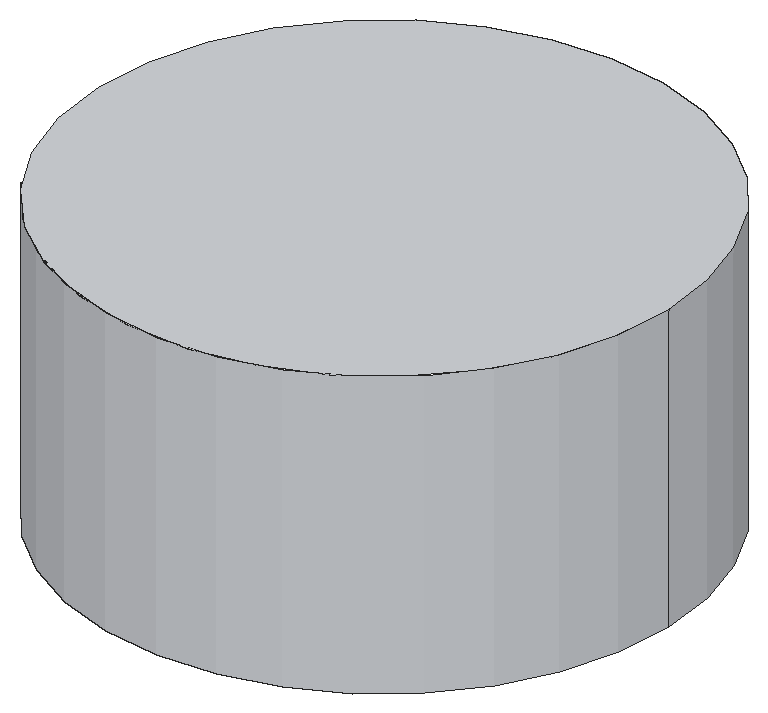
Revit family "ASF-16-C2", category Mechanical Equipment, Revit 2023
Family settings
  Round Connector Dimension = Use Diameter
  Classification = None
  Part Type = Normal
  OmniClass Number = 23.75.00.00
  OmniClass Title = Climate Control (HVAC)
  Work Plane-Based = No
  Always vertical = Yes
  Cut with Voids When Loaded = No
  Maintain Annotation Orientation = No
  Shared = No
  Room Calculation Point = No
Parameters (values of type "Standard")
  Default Elevation = 0' - 0"
  Connector_1_Diameter = 1' - 3 3/4"
Reference planes (in)
  plane 1 "Center (Front/Back)": y = 0
  plane 2: z = 0
  plane 3 "Center (Left/Right)": x = 0
Forms (in)
  Extrusion 1, solid
    sketch origin (0, 0, -11.55954) x (1, 0, 0) y (0, 1, 0)
      loop
        circle (0, 0) r 0.12
    from 0 to -0.12
Dimensions and locks (in)
  aligned and locked: plane 2 to level
Connectors (in)
  hvac at (0, 0, -11.55954), driven by "Connector_1_Diameter"
    settings: on Extrusion 1, index 1, duct flow 0 CFM, flow factor 0, pres drop 0.00 in-wg, loss coef 0, conn angle 0.00°, conn width 12", conn height 12", conn diameter 15 3/4", duct sys type 3, conn prof type 0, flow config 1, flow direction 1, loss method 0, conn ref index -1, conn util no, is conn primary yes, conn desc ""
